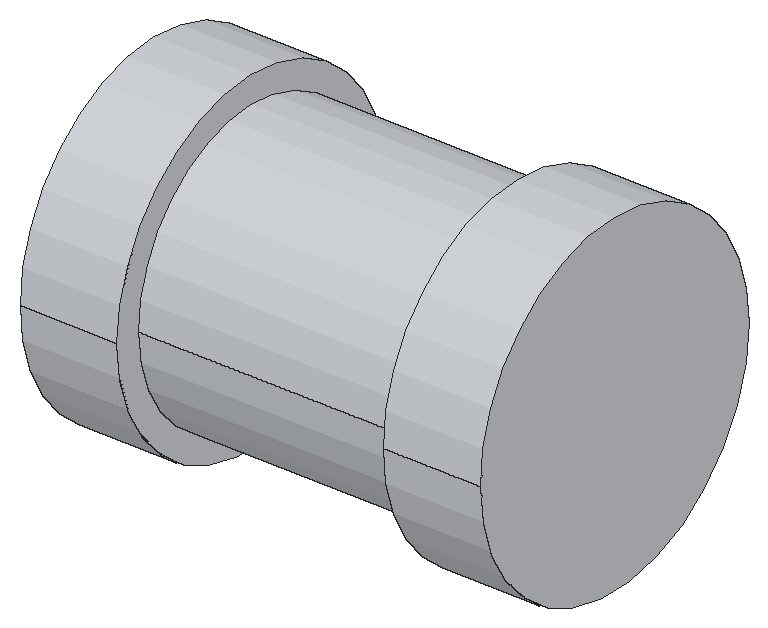
Revit family "M_Conexão - Rosqueada - MI - Classe 150", category Conexões de tubo, Revit 2019
Family settings
  Cota do conector redondo = Usar raio
  Tipo de parte = União
  Número OmniClass = 23.60.30.11.14
  Título OmniClass = Pipework Fittings
  ID de item do Seek = Coupling - Threaded - MI - Class 150-0000-CAN-ENU
  Com base no plano de trabalho = Não
  Sempre na vertical = Sim
  Corte com vazios quando carregada = Não
  Compartilhado = Não
Parameters (values of type "Padrão")
  Tamanho da marca de revisão [instance] = Diâmetro externo da conexão * 0.4  # 5.952 mm
  Método de perda = Coeficiente K da tabela
  Nome da tabela de pesquisa = "M_Coupling - Threaded - MI - Class 150"
  Comprimento [instance] = size_lookup(Nome da tabela de pesquisa, "Lgt", 0.74 * Diâmetro nominal + 23.118 mm, Diâmetro nominal)  # 24.2 mm
  Raio nominal [instance] = 3 mm
  Diâmetro nominal [instance] = Raio nominal * 2  # 6 mm
  Espessura do Metal [instance] = size_lookup(Nome da tabela de pesquisa, "MThk", 0.05 * Diâmetro nominal + 2.084 mm, Diâmetro nominal)  # 2.29 mm
  Tabela de coeficiente K = "Transição de contração/alargamento"
  Raio externo da conexão [instance] = Diâmetro externo da conexão / 2  # 7.44 mm
  Diâmetro externo da conexão [instance] = Diâmetro interno da conexão + Espessura do Metal * 2  # 14.88 mm
  Diâmetro interno da conexão [instance] = size_lookup(Nome da tabela de pesquisa, "FID", 1.07 * Diâmetro nominal + 5.556 mm, Diâmetro nominal)  # 10.3 mm
  Largura da fita [instance] = size_lookup(Nome da tabela de pesquisa, "BWid", 0.12 * Diâmetro nominal + 4.564 mm, Diâmetro nominal)  # 5.1 mm
  Raio externo da fita [instance] = Diâmetro externo da fita / 2  # 8.8 mm
  Diâmetro externo da fita [instance] = size_lookup(Nome da tabela de pesquisa, "BOD", 1.23 * Diâmetro nominal + 12.402 mm, Diâmetro nominal)  # 17.6 mm
  Largura do isolamento por fita [instance] = if((Largura da fita) * 2 > Comprimento, Comprimento / 2, Largura da fita)  # 5.1 mm
Reference planes
  plane 1 "Centro (Frente/Trás)": y = 0
  plane 2: z = 0
  plane 3 "Centro (Esquerda/Direita)": x = 0
  plane 4: x = -7
  plane 5: x = 7
  plane 6: x = -12.1
  plane 7: x = 12.1
  plane 8: x = -7
  plane 9: x = 7
Forms (mm)
  Extrusion 1, solid, detail levels fine
    sketch origin (0, 0, 0) x (0, 1, 0) y (0, 0, 1)
      loop
        circle (0, 0) r 8.8
    from -12.1 to -7
  Extrusion 2, solid, detail levels fine
    sketch origin (0, 0, 0) x (0, 1, 0) y (0, 0, 1)
      loop
        circle (0, 0) r 8.8
    from 7 to 12.1
  Extrusion 3, solid, detail levels fine
    sketch origin (0, 0, 0) x (0, 1, 0) y (0, 0, 1)
      loop
        circle (0, 0) r 7.44
    from -7 to 7
Cuts and joins
  joined: Extrusion 1, Extrusion 2, Extrusion 3
Lines and regions (mm)
  model lines, detail levels coarse+medium
    curve 1: line (12.1, 0, 0) -> (-12.1, 0, 0)
    curve 2: line (-12.1, 5.952, 0) -> (-12.1, -5.952, 0)
    curve 3: line (12.1, 5.952, 0) -> (12.1, -5.952, 0)
Dimensions and locks
  "Largura da fita": plane 6 to plane 4
  "Largura da fita": plane 5 to plane 7
  equal spacing: plane 6, plane 3 "Centro (Esquerda/Direita)", plane 7
  "Comprimento": plane 6 to plane 7
  equal spacing: curve 2, plane 1 "Centro (Frente/Trás)", curve 2
  equal spacing: curve 3, plane 1 "Centro (Frente/Trás)", curve 3
  "Largura do isolamento por fita": plane 6 to plane 8
  "Largura do isolamento por fita": plane 9 to plane 7
  "Tamanho da marca de revisão": plane 1 "Centro (Frente/Trás)" to curve 2
  "Tamanho da marca de revisão": plane 1 "Centro (Frente/Trás)" to curve 3
  "Raio externo da fita": radius of Extrusion 1 sketch curve
  "Raio externo da fita": radius of Extrusion 2 sketch curve
  "Raio externo da conexão": radius of Extrusion 3 sketch curve
  aligned and locked: plane 2 to Extrusion 1 sketch curve
  aligned and locked: plane 1 "Centro (Frente/Trás)" to Extrusion 1 sketch curve
  aligned and locked: Extrusion 1 to plane 6
  aligned and locked: plane 4 to Extrusion 1
  aligned and locked: plane 1 "Centro (Frente/Trás)" to Extrusion 2 sketch curve
  aligned and locked: plane 2 to Extrusion 2 sketch curve
  aligned and locked: Extrusion 2 to plane 5
  aligned and locked: plane 7 to Extrusion 2
  aligned and locked: Extrusion 3 to plane 4
  aligned and locked: plane 5 to Extrusion 3
  aligned and locked: plane 7 to curve 1
  aligned and locked: curve 1 to plane 1 "Centro (Frente/Trás)"
  aligned and locked: plane 6 to curve 1
  aligned and locked: curve 2 to plane 6
  aligned and locked: curve 3 to plane 7
Automatic sketch dimensions
  Extrusion 3 sketch curve to level = 0 mm
  Extrusion 3 sketch curve to plane 1 "Centro (Frente/Trás)" = 0 mm
Connectors
  piping at (-12.1, 0, 0), diameter 6, driven by "Raio nominal"
    settings: on cut or joined group of Extrusion 1, Extrusion 2, Extrusion 3, index 1, connector inside diameter 6 mm, connector length 0 mm, flow factor 0, pipe flow 0.0 L/s, pressure drop 0.0 Pa, fitting loss kfactor 0, connector angle 0.00°, fixture units 0, engagement length 0 mm, angle of deflection 0.00°, flow configuration 0, flow direction 0, fitting loss method 0, system type 28, joint type 0, gender type 0, connector reference index 2, connector utility 0, adjustable connector no, is connector primary yes, connector description ""
  piping at (12.1, 0, 0), diameter 6, driven by "Raio nominal"
    settings: on cut or joined group of Extrusion 1, Extrusion 2, Extrusion 3, index 2, connector inside diameter 6 mm, connector length 0 mm, flow factor 0, pipe flow 0.0 L/s, pressure drop 0.0 Pa, fitting loss kfactor 0, connector angle 0.00°, fixture units 0, engagement length 0 mm, angle of deflection 0.00°, flow configuration 0, flow direction 0, fitting loss method 0, system type 28, joint type 0, gender type 0, connector reference index 1, connector utility 0, adjustable connector no, is connector primary no, connector description ""
